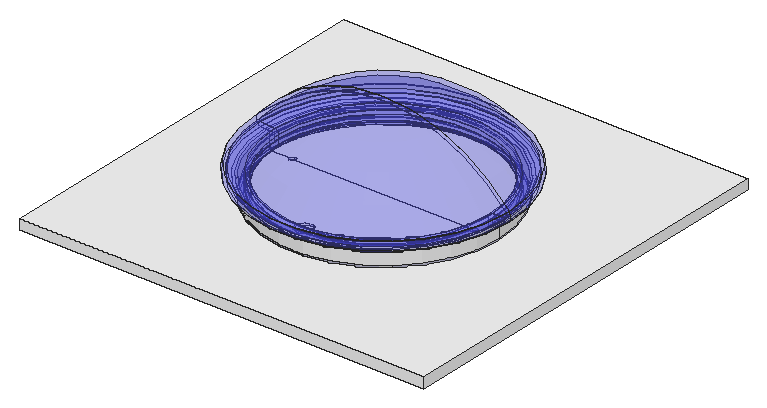
Revit family "BE_12137_de_DE", category Leuchten, Revit 2020
Family settings
  Basisbauteil = Fläche
  Bemaßung runder Anschluss = Durchmesser verwenden
  Teiletyp = Normal
  Beim Laden mit Abzugskörper schneiden = Ja
  Lichtquelle = Ja
  Gemeinsam genutzt = Nein
  Raumberechnungspunkt = Ja
Parameters (values of type "BEGA_12137_K3")
  built-in parameter 1150104 = 11.752 (stored number, unit not read)
  Wattage = 11.9 W
  Default Elevation = 0 mm
  built-in parameter 1150113 = 1 (stored number, unit not read)
  built-in parameter 1114218 = 1 (stored number, unit not read)
  Umgebungstemperatur = "25 °C"
  URL = "https://www.bega.com/de/produkt/12137"
  Typenkommentare = "© 2022 BEGA. Wir behalten uns das Recht vor, technische Änderungen ohne vorherige Ankündigung vorzunehmen."  # constant formula
  built-in parameter 1150134 = (empty or 0)
  built-in parameter 1150109 = 1 (stored number, unit not read)
  Strom = ""
  built-in parameter 1150110 = 1 (stored number, unit not read)
  Spannung = 230 V
  Sonderanfertigung = no
  Seriennummer [instance] = "Hier können Sie die eindeutige Seriennummer für das Facility Management eintragen."
  Schutzklasse = "I"
  Schutzart = "IP 20"
  Scheinlast = 0 VA
  Produktdatenblatt = "http://www.bega.de/download/Xrfa/db/12137.db.de.pdf"
  Oberflächentemperatur = ""
  Neigungswinkel = 0.00°
  Model = "12137K2"
  Material_17 = BEGA_Reflektor
  Material_15 = BEGA_Leuchtmedium_matt
  Material_11 = BEGA_Glas_opal
  Material_09 = BEGA_Glas_klar
  Material_06 = BEGA_Oberfläche_Edelstahl_gebürstet
  Material_03 = BEGA_Oberfläche_Weiss_matt
  Material_02 = BEGA_Oberfläche_Silber_matt
  Material_01 [instance] = BEGA_Oberfläche_Grafit_matt
  M_W = no
  M_G = no
  M_A = no
  Logo = 0
  built-in parameter 1114217 = 1 (stored number, unit not read)
  built-in parameter 1150139 = (empty or 0)
  built-in parameter 1150105 = 384.18 (stored number, unit not read)
  built-in parameter 1150114 = 1 (stored number, unit not read)
  Lumens = 1505.35 lm
  built-in parameter 1150115 = 1 (stored number, unit not read)
  Leuchtenlichtstrom = "893 lm"
  Leuchtenanzahl = ""
  Lebensdauerkriterien = "L70B50 @ 25 °C = 181000 h"
  Lastklassifizierung = Beleuchtung
  built-in parameter 1150112 = 1 (stored number, unit not read)
  Lampenlichtstrom = "1505 lm"
  Lamp = "LED 11.9 W"
  LED_Modulbezeichnung = "LED-0509/927"
  Hersteller = "BEGA"  # constant formula
  Halbstreuwinkel = ""
  Gewicht = "1.15 kg"
  Gebrauchslageneinschränkung [instance] = ""
  Frequenz = "50 Hz"
  Farbwiedergabeindex = "CRI > 90"
  Farbtemperaturverschiebung bei Dämpfen der Lampe = <Keine Auswahl>
  Farbtemperatur = "2700 K"
  Color Filter = 16777215
  built-in parameter 1150133 = 10 (stored number, unit not read)
  Energieeffizienzklasse = "LED A++ - A"
  built-in parameter 1150137 = (empty or 0)
  built-in parameter 1150132 = (empty or 0)
  ENEC = ""
  Dimmbar [instance] = ""
  Photometric Web File = "BE_12137K2.IES"
  CE_Konformität = "ja"
  Bestellnummer = "12137K2"
  Beschreibung_Sonderanfertigung = "Hier können Sie Informationen zur Sonderanfertigung eintragen."
  Beschreibung = "Decken- und Wandleuchte"
  built-in parameter 1150106 = 3.8418 (stored number, unit not read)
  Befestigungsbohrung = "Ø 5,5 mm"
  Befestigungsabstand = "180 mm"
  Ballwurfsicher = ""
  BEGA_Intern_aus = yes
  BEGA_Intern_an = yes
  BEGA_Intern_Konstruktion = yes
  BEGA_Intern = yes
  BEGA_IES = yes
  BEGA_Dummy = no
  Anschlussleitung = ""
  Anschlussleistung [instance] = "17.1 W"
  Anschlusskasten = ""
  built-in parameter 1150107 = 2700 (stored number, unit not read)
  built-in parameter 1150102 = (empty or 0)
  built-in parameter 1150138 = (empty or 0)
  Aktualisierung = "2020-07-27T04:00:12"
  Abstand_zur_angestrahlten_Fläche [instance] = ""
  AC/DC = "AC"
Types (2, lengths in mm): name | built-in parameter 1150104 | built-in parameter 1150134 | Model | built-in parameter 1150105 | Lumens | Leuchtenlichtstrom | Lampenlichtstrom | LED_Modulbezeichnung | Farbtemperatur | Photometric Web File | Bestellnummer | built-in parameter 1150106 | built-in parameter 1150107
  BEGA_12137_K3 | 11.827 (stored number, unit not read) | (empty or 0) | "12137K3" | 386.55 (stored number, unit not read) | 1514.87 lm | "1024 lm" | "1725 lm" | "LED-0509/930" | "3000 K" | "BE_12137K3.IES" | "12137K3" | 3.8655 (stored number, unit not read) | 3000 (stored number, unit not read)
  BEGA_12137_K27 | 12.254 (stored number, unit not read) | 12 | "12137K27" | 400.58 (stored number, unit not read) | 1569.61 lm | "991 lm" | "1670 lm" | "LED-0509/927" | "2700 K" | "BE_12137K27.IES" | "12137K27" | 4.0058 (stored number, unit not read) | 4000 (stored number, unit not read)
Reference planes
  plane 1 "Mitte (Vorne/Hinten)": y = 0
  plane 2: z = 0
  plane 3 "Mitte (Links/Rechts)": x = 0
  plane 4 "Links": x = -126
  plane 5 "Rechts": x = 126
  plane 6 "Unten": y = -126
  plane 7 "Oben": y = 126
  plane 8 "Vorne": z = 90.4
  plane 9 "Hinten": z = 0
Forms (mm)
  Extrusion 1, solid, material "BEGA_Platte_Weiss"
    sketch origin (0, -1119.2, 0) x (1, 0, 0) y (0, 1, 0)
      loop
        line (-200, 1319.2) -> (-200, 919.2) -> (200, 919.2) -> (200, 1319.2) -> (-200, 1319.2)
    from 0 to -10
  Extrusion 2, solid, material "BEGA_Dummy_matt", visible <- "BEGA_Dummy"
    sketch origin (77.149, -76.023, 0) x (1, 0, 0) y (0, 1, 0)
      loop
        circle (-77.149, 76.023) r 126
    from 0 to 90.4
Dimensions and locks
  plane 1 "Mitte (Vorne/Hinten)" to Extrusion 1 = 200 mm
  aligned and locked: plane 2 to Extrusion 1
  aligned and locked: level to Extrusion 1
Nested families
  nested 1: "BE_12137" at (0, 0, 0) x (0, -1, 0) z (0, 0, 1), type "BE_12137"
Connectors
  electrical at (0, 0, 0), driven by "Lastklassifizierung", driven by "Spannung", driven by "Scheinlast"
    settings: index 1, voltage 230 V, apparent load 0 VA, apparent load phase1 0 VA, apparent load phase2 0 VA, apparent load phase3 0 VA, power factor 1, load classification "Beleuchtung", number of poles 1, system type 31, power factor state 1, is connector primary yes, connector utility no, sub classification motor no, connector description ""
Definition of nested family "BE_12137"
  Parameters (values of type "BE_12137")
    Default Elevation = 1 mm
    URL = "http://www.bega.de/de/produkt"
    Type Comments = "© 2015 BEGA. Wir behalten uns das Recht vor, technische Änderungen ohne vorherige Ankündigung vorzunehmen. "  # constant formula
    Type Image = (empty or 0)
    Neigungswinkel_um_Z2 = 0.00°
    Neigungswinkel_um_Z1 = 0.00°
    Neigungswinkel_um_Y2 = 0.00°
    Neigungswinkel_um_Y1 = 0.00°
    Neigungswinkel_um_X2 = 0.00°
    Neigungswinkel_um_X1 = 0.00°
    Material_17 = none
    Material_15 = none
    Material_11 = none
    Material_09 = none
    Material_06 = none
    Material_05 = none
    Material_03 = none
    Material_02 = none
    Material_01 = none
    M_W = yes
    M_G = yes
    M_A = yes
    Länge_Platte = 400 mm  # constant formula
    Höhe_Platte = -10 mm  # constant formula
    Manufacturer = "BEGA"  # constant formula
    Drehwinkel_um_Z2 = 0.00°
    Drehwinkel_um_Z1 = 0.00°
    Breite_Platte = 400 mm  # constant formula
  Reference planes
    plane 1 "Mitte (Oben/Unten)": y = 0
    plane 2: z = 0
    plane 3 "Mitte (Links/Rechts)": x = 0
    plane 4: y = 126
    plane 5: z = 90.4
    plane 6: y = -126
    plane 7: x = -126
    plane 8: x = 126
  Forms (mm)
    Extrusion 1, solid, detail levels medium
      sketch origin (0, 0, 0) x (1, 0, 0) y (0, 1, 0)
        loop
          line (-200, 200) -> (-200, -200) -> (200, -200) -> (200, 200) -> (-200, 200)
      from 0 to -10 <- "Höhe_Platte"
    Revolve 2, solid, material <- "Material_03", detail levels medium+fine
      sketch origin (0, 0, 0) x (0, 1, 0) y (0, 0, 1)
        loop
          line (117.5, 19.8) -> (117.5, 20.8) -> (115.331, 20.8)
          arc (115.331, 20.8) -> (114.063, 20.284) -> (113.524, 19.025) r 1.8
          line (113.524, 19.025) -> (113.276, 4.767)
          arc (113.276, 4.767) -> (112.825, 3.728) -> (111.776, 3.3) r 1.5
          line (111.776, 3.3) -> (0, 3.3) -> (0, 2.3) -> (111.776, 2.3)
          arc (111.776, 2.3) -> (113.525, 3.014) -> (114.275, 4.748) r 2.5
          line (114.275, 4.748) -> (114.524, 19.01)
          arc (114.524, 19.01) -> (114.764, 19.571) -> (115.329, 19.8) r 0.8
          line (115.329, 19.8) -> (117.5, 19.8)
        axis (0, 2.3) -> (0, 20.8)
      angle from 0 to 360
    Revolve 3, solid, material <- "Material_03", detail levels medium+fine
      sketch origin (0, 0, 0) x (0, 1, 0) y (0, 0, 1)
        loop
          arc (99.13, 1.943) -> (99.474, 2.206) -> (99.896, 2.3) r 1
          line (99.896, 2.3) -> (100.896, 3.3) -> (92.75, 3.3) -> (92.75, 0) -> (96.108, 0)
          arc (96.108, 0) -> (97.369, 0.281) -> (98.395, 1.067) r 3
          line (98.395, 1.067) -> (99.13, 1.943)
        axis (90, 3.3) -> (90, 0)
      angle from 0 to 360
    Revolve 4, solid, material <- "Material_03", detail levels medium+fine
      sketch origin (0, 0, 0) x (0, -1, 0) y (0, 0, 1)
        loop
          arc (99.13, 1.943) -> (99.474, 2.206) -> (99.896, 2.3) r 1
          line (99.896, 2.3) -> (100.896, 3.3) -> (92.75, 3.3) -> (92.75, 0) -> (96.108, 0)
          arc (96.108, 0) -> (97.369, 0.281) -> (98.395, 1.067) r 3
          line (98.395, 1.067) -> (99.13, 1.943)
        axis (90, 3.3) -> (90, 0)
      angle from 0 to 360
    Extrusion 5, void
      sketch origin (0, 0, 0) x (1, 0, 0) y (0, 1, 0)
        loop
          circle (80, 15) r 8.5
        loop
          circle (80, -15) r 8.5
      from 1.096 to 7.205
    Revolve 6, solid, material <- "Material_11", detail levels medium+fine
      sketch origin (0, 0, 0) x (0, 1, 0) y (0, 0, 1)
        loop
          line (0, 90.4) -> (0, 86.6)
          arc (0, 86.6) -> (67.014, 71.601) -> (121.239, 29.464) r 157.2
          arc (121.239, 29.464) -> (122.17, 27.288) -> (121.777, 24.953) r 4.2
          line (121.777, 24.953) -> (107.481, 24.204)
          arc (107.481, 24.204) -> (104.795, 22.96) -> (103.7, 20.21) r 4
          line (103.7, 20.21) -> (103.7, 16.4) -> (103.7, 11.174)
          arc (103.7, 11.174) -> (104.099, 9.678) -> (105.19, 8.579) r 3.003
          line (105.19, 8.579) -> (106.963, 7.556)
          arc (106.963, 7.556) -> (108.068, 6.43) -> (108.449, 4.9) r 3.003
          line (108.449, 4.9) -> (112.25, 4.9) -> (112.25, 8.894) -> (107.997, 11.349)
          arc (107.997, 11.349) -> (107.633, 11.715) -> (107.5, 12.214) r 1.001
          line (107.5, 12.214) -> (107.5, 19.451)
          arc (107.5, 19.451) -> (107.774, 20.139) -> (108.445, 20.45) r 1
          line (108.445, 20.45) -> (121.856, 21.152)
          arc (121.856, 21.152) -> (123.904, 21.845) -> (125.293, 23.503) r 4
          arc (125.293, 23.503) -> (125.929, 27.854) -> (124.17, 31.883) r 8
          arc (124.17, 31.883) -> (68.634, 75.038) -> (0, 90.4) r 161
        axis (0, 90.4) -> (0, 4.9)
      angle from 0 to 360
    Extrusion 7, void
      sketch origin (0, 0, 0) x (1, 0, 0) y (0, 1, 0)
        loop
          circle (0, 90) r 2.75
        loop
          circle (0, -90) r 2.75
      from 0 to 9
  Cuts and joins
    Extrusion 5, Extrusion 7 cuts Revolve 2
    Extrusion 5, Extrusion 7 cuts Revolve 3
    Extrusion 5, Extrusion 7 cuts Revolve 4
    joined: Revolve 2, Revolve 3, Revolve 4
  Dimensions and locks
    equal spacing: Extrusion 1 sketch curve, plane 3 "Mitte (Links/Rechts)", Extrusion 1 sketch curve
    equal spacing: Extrusion 1 sketch curve, plane 1 "Mitte (Oben/Unten)", Extrusion 1 sketch curve
    "Länge_Platte": Extrusion 1 sketch curve to Extrusion 1 sketch curve
    "Breite_Platte": Extrusion 1 sketch curve to Extrusion 1 sketch curve
    aligned and locked: plane 2 to Extrusion 1
    aligned and locked: level to Extrusion 1
  Automatic sketch dimensions
    Revolve 2 sketch curve to Revolve 2 sketch curve = 0 mm  (x11)
    Revolve 2 sketch curve to plane 1 "Mitte (Oben/Unten)" = 0 mm  (x2)
    Revolve 2 sketch curve to Revolve 2 sketch curve = 1.5 mm
    Revolve 2 sketch curve to Revolve 2 sketch curve = 1 mm  (x3)
    Revolve 2 sketch curve to Revolve 2 sketch curve = 0.8 mm
    Revolve 2 sketch curve to Revolve 2 sketch curve = 0.004 mm
    Revolve 2 sketch curve to Revolve 2 sketch curve = 0.002 mm
    Revolve 2 sketch curve to Revolve 2 sketch curve = 2.169 mm
    level to Revolve 2 sketch curve = 2.3 mm
    Revolve 2 sketch curve to Revolve 2 sketch curve = 1.448 mm
    Revolve 2 sketch curve to Revolve 2 sketch curve = 0.02 mm
    Revolve 2 sketch curve to Revolve 2 sketch curve = 0.033 mm
    Revolve 2 sketch curve to Revolve 2 sketch curve = 14.252 mm
    Revolve 2 sketch curve to Revolve 2 sketch curve = 0.01 mm
    Revolve 2 sketch curve to Revolve 2 sketch curve = 0.015 mm
    Revolve 2 sketch curve to Revolve 2 sketch curve = 4 mm
    Revolve 3 sketch curve to level = 0 mm
    level to Revolve 3 sketch curve = 3.3 mm
    Revolve 3 sketch curve to Revolve 3 sketch curve = 3.351 mm
    Revolve 3 sketch curve to Revolve 3 sketch curve = 0.007 mm
    level to Revolve 3 sketch curve = 1.067 mm
    Revolve 3 sketch curve to Revolve 3 sketch curve = 2.287 mm
    level to Revolve 3 sketch curve = 2.3 mm
    Revolve 3 sketch curve to Revolve 3 sketch curve = 1.501 mm
    Revolve 3 sketch curve to Revolve 3 sketch curve = 0 mm  (x2)
    Revolve 3 sketch curve to Revolve 3 sketch curve = 1 mm  (x2)
    Revolve 3 sketch curve to Revolve 3 sketch curve = 2.75 mm
    level to Revolve 3 sketch curve = 1.943 mm
    Revolve 3 sketch curve to Revolve 3 sketch curve = 0.766 mm
    Revolve 3 sketch curve to level = 2.001 mm
    Revolve 3 sketch curve to Revolve 3 sketch curve = 2 mm
    Revolve 4 sketch curve to level = 0 mm
    Revolve 4 sketch curve to level = 3.3 mm
    Revolve 4 sketch curve to Revolve 4 sketch curve = 3.351 mm
    Revolve 4 sketch curve to Revolve 4 sketch curve = 0.007 mm
    Revolve 4 sketch curve to level = 1.067 mm
    Revolve 4 sketch curve to Revolve 4 sketch curve = 2.287 mm
    Revolve 4 sketch curve to level = 2.3 mm
    Revolve 4 sketch curve to Revolve 4 sketch curve = 1.501 mm
    Revolve 4 sketch curve to Revolve 4 sketch curve = 0 mm  (x2)
    Revolve 4 sketch curve to Revolve 4 sketch curve = 1 mm  (x2)
    Revolve 4 sketch curve to Revolve 4 sketch curve = 2.75 mm
    Revolve 4 sketch curve to level = 1.943 mm
    Revolve 4 sketch curve to Revolve 4 sketch curve = 0.766 mm
    level to Revolve 4 sketch curve = 2.001 mm
    Revolve 4 sketch curve to Revolve 4 sketch curve = 2 mm
    plane 1 "Mitte (Oben/Unten)" to Extrusion 5 sketch curve = 15 mm
    Extrusion 5 sketch curve to plane 1 "Mitte (Oben/Unten)" = 15 mm
    Extrusion 5 sketch curve to Extrusion 5 sketch curve = 0 mm
    Revolve 6 sketch curve to Revolve 6 sketch curve = 0 mm  (x15)
    plane 1 "Mitte (Oben/Unten)" to Revolve 6 sketch curve = 0 mm
    Revolve 6 sketch curve to plane 1 "Mitte (Oben/Unten)" = 0 mm  (x2)
    Revolve 6 sketch curve to Revolve 6 sketch curve = 1.49 mm
    Revolve 6 sketch curve to Revolve 6 sketch curve = 0.257 mm
    Revolve 6 sketch curve to Revolve 6 sketch curve = 1.513 mm
    level to Revolve 6 sketch curve = 7.556 mm
    Revolve 6 sketch curve to Revolve 6 sketch curve = 1.773 mm
    Revolve 6 sketch curve to Revolve 6 sketch curve = 3.781 mm
    Revolve 6 sketch curve to Revolve 6 sketch curve = 3.8 mm  (x2)
    Revolve 6 sketch curve to Revolve 6 sketch curve = 0.2 mm
    Revolve 6 sketch curve to Revolve 6 sketch curve = 0.497 mm
    Revolve 6 sketch curve to Revolve 6 sketch curve = 0.745 mm
    Revolve 6 sketch curve to Revolve 6 sketch curve = 3.002 mm
    Revolve 6 sketch curve to Revolve 6 sketch curve = 0.055 mm
    Revolve 6 sketch curve to Revolve 6 sketch curve = 0.504 mm
    Revolve 6 sketch curve to Revolve 6 sketch curve = 3.801 mm  (x2)
    Revolve 6 sketch curve to Revolve 6 sketch curve = 0.13 mm
    Revolve 6 sketch curve to Revolve 6 sketch curve = 2.592 mm
    Revolve 6 sketch curve to level = 70.6 mm
    Revolve 6 sketch curve to Revolve 6 sketch curve = 1.024 mm
    Revolve 6 sketch curve to Revolve 6 sketch curve = 3.994 mm
    Revolve 6 sketch curve to Revolve 6 sketch curve = 2.594 mm
    Revolve 6 sketch curve to Revolve 6 sketch curve = 0.176 mm
    Revolve 6 sketch curve to Revolve 6 sketch curve = 0.865 mm
    Revolve 6 sketch curve to Revolve 6 sketch curve = 4.186 mm
    Revolve 6 sketch curve to Revolve 6 sketch curve = 3.051 mm
    Revolve 6 sketch curve to Revolve 6 sketch curve = 0.239 mm
    Revolve 6 sketch curve to Revolve 6 sketch curve = 3.755 mm
    Revolve 6 sketch curve to Revolve 6 sketch curve = 4.504 mm
    Revolve 6 sketch curve to Revolve 6 sketch curve = 0.193 mm
    Revolve 6 sketch curve to Revolve 6 sketch curve = 1.644 mm
    Revolve 6 sketch curve to Revolve 6 sketch curve = 2.931 mm
    Revolve 6 sketch curve to Revolve 6 sketch curve = 3.516 mm
    Revolve 6 sketch curve to Revolve 6 sketch curve = 3.81 mm
    level to Revolve 6 sketch curve = 40.4 mm
    Revolve 2 sketch curve to plane 1 "Mitte (Oben/Unten)" = 111.776 mm
    Revolve 2 sketch curve to Revolve 2 sketch curve = 0.249 mm
    Revolve 3 sketch curve to plane 1 "Mitte (Oben/Unten)" = 92.75 mm
    Revolve 6 sketch curve to plane 1 "Mitte (Oben/Unten)" = 103.7 mm
    Revolve 6 sketch curve to Revolve 6 sketch curve = 10.519 mm
    Revolve 6 sketch curve to Revolve 6 sketch curve = 3.647 mm
    Revolve 6 sketch curve to Revolve 6 sketch curve = 3.239 mm
    Revolve 6 sketch curve to Revolve 6 sketch curve = 0.079 mm
    Revolve 4 sketch curve to plane 1 "Mitte (Oben/Unten)" = 92.75 mm
    Revolve 6 sketch curve to Revolve 6 sketch curve = 46.2 mm
    plane 3 "Mitte (Links/Rechts)" to Extrusion 5 sketch curve = 80 mm
    Extrusion 7 sketch curve to plane 3 "Mitte (Links/Rechts)" = 0 mm  (x2)
    plane 6 to Extrusion 7 sketch curve = 36 mm
    plane 4 to Extrusion 7 sketch curve = 36 mm
    radius of Extrusion 5 sketch curve = 8.5 mm  (x2)
    radius of Extrusion 7 sketch curve = 2.75 mm  (x2)
